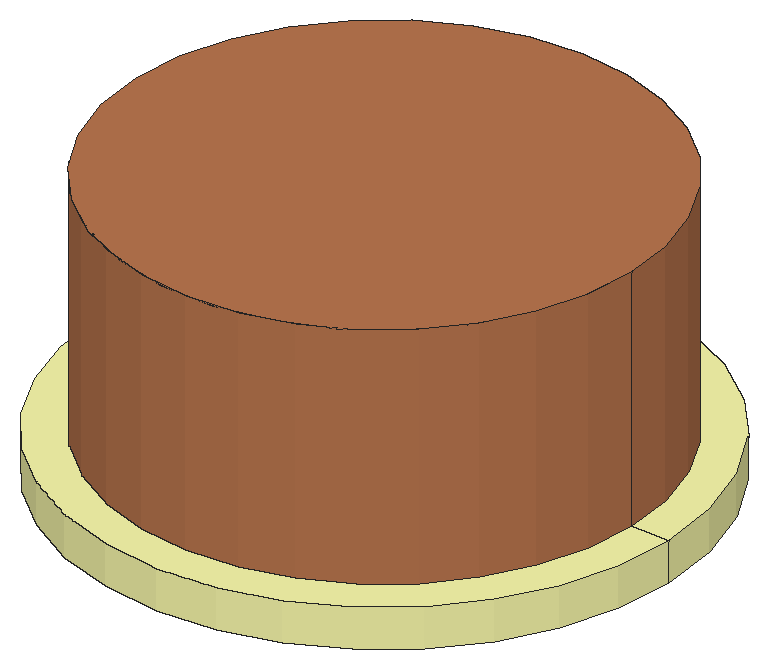
Revit family "ES_Directional Long Range Microwage Detector", category Lighting Devices, Revit 2013
Reference planes
  plane 1 "Center (Front/Back)": y = 0
  plane 2: z = 0
  plane 3 "Center (Left/Right)": x = 0
  plane 4: x = -37.5
  plane 5: x = 37.5
  plane 6: x = -32.5
  plane 7: x = 32.5
  plane 8: z = 68
  plane 9: z = -5
  plane 10: z = -8.6
  plane 11: z = -15
  plane 12: x = -10
  plane 13: x = 10
Forms (mm)
  Revolve 1, solid, material "Face Plate"
    sketch origin (0, 0, 0) x (1, 0, 0) y (0, 0, 1)
      loop
        line (-37.5, 0) -> (-37.5, -5) -> (-10, -8.6) -> (0, -8.6) -> (0, 0) -> (-37.5, 0)
      axis (0, 0) -> (0, -8.6)
    angle from 0 to 360
  Revolve 2, solid, material "Light Body"
    sketch origin (0, 0, 0) x (1, 0, 0) y (0, 0, 1)
      loop
        arc (-10, -8.6) -> (-5.919, -13.236) -> (0, -15) r 11.189
        line (0, -15) -> (0, -8.6) -> (-10, -8.6)
      axis (0, -8.6) -> (0, -15)
    angle from 0 to 360
  Extrusion 3, solid, material "Light Body"
    sketch origin (0, 0, 0) x (1, 0, 0) y (0, 1, 0)
      loop
        circle (0, 0) r 32.624
    from 0 to 30
Dimensions and locks
  aligned and locked: level to plane 2
Nested families
  nested 1: "SW_DPD" at (0, 0, 0), type "SW_DPD"
Connectors
  electrical at (0, 0, 30)
    settings: on Extrusion 3, index 1, voltage 230 V, apparent load 0 VA, apparent load phase1 0 VA, apparent load phase2 0 VA, apparent load phase3 0 VA, power factor 1, load classification "Other", number of poles 1, system type 31, power factor state 1, is connector primary yes, connector utility no, sub classification motor no, connector description ""
Definition of nested family "SW_DPD"
  Reference planes
    plane 1: y = 0
    plane 2: x = 0
  Lines and regions (mm)
    detail lines, style "Switch Symbols"
      curve 1: line (0, -1.97, 0) -> (1.706, 0.985, 0)
      curve 2: line (1.706, 0.985, 0) -> (-1.706, 0.985, 0)
      curve 3: line (-1.706, 0.985, 0) -> (0, -1.97, 0)
      curve 4: line (0.5, 2.285, 0) -> (0.5, 1.285, 0)
      curve 5: line (-0.5, 1.285, 0) -> (-0.5, 2.285, 0)
      curve 6: line (1.5, 2.285, 0) -> (1.5, 1.285, 0)
      curve 7: line (-1.5, 1.285, 0) -> (-1.5, 2.285, 0)
